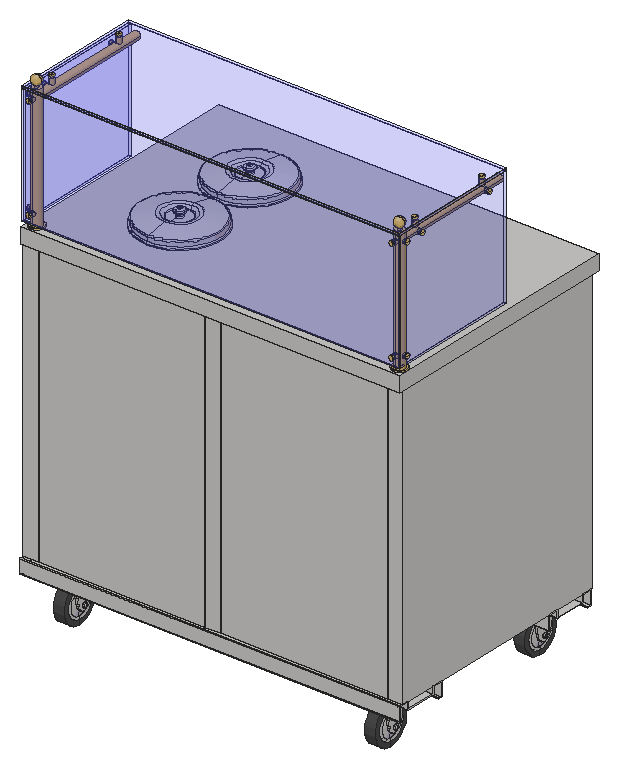
Revit family "Food-Service-Equipment_Oscartek_Pozzetti_PS2", category Specialty Equipment, Revit 2026 (continued)
Definition of nested family "Glass"
  Definition of nested family "Post"
    Lines and regions (in)
      symbolic lines
        curve 3: line (0.35, 0, 0) -> (0.35, -12.64986, 0)
        curve 4: arc (0.35, -12.31543, 0) -> (0.02947, -13.15804, 0) -> (0.75, -13.69986, 0) r 0.75
        curve 5: arc (0.75, -13.69986, 0) -> (1.47053, -13.15804, 0) -> (1.15, -12.31543, 0) r 0.75
        curve 6: arc (0.75, -12.44986, 0) -> (0.25, -12.94986, 0) -> (0.75, -13.44986, 0) r 0.5
        curve 7: arc (0.75, -13.44986, 0) -> (1.25, -12.94986, 0) -> (0.75, -12.44986, 0) r 0.5
        curve 8: line (0.52193, -13.91323, 0) -> (0.97807, -13.91323, 0)
        curve 9: line (0.52193, -14, 0) -> (0.52193, -13.91323, 0)
        curve 10: line (0.97807, -14, 0) -> (0.52193, -14, 0)
        curve 11: line (0.97807, -13.91323, 0) -> (0.97807, -14, 0)
        curve 12: circle (0.75, -10.98527, 0) r 0.22807 normal (0, 0, 1)
        curve 13: circle (0.75, -2.29777, 0) r 0.22807 normal (0, 0, 1)
        curve 14: line (0.08677, -10.7572, 0) -> (0, -10.7572, 0)
        curve 15: line (0.08677, -11.21334, 0) -> (0.08677, -10.7572, 0)
        curve 16: line (0, -11.21334, 0) -> (0.08677, -11.21334, 0)
        curve 17: line (0, -10.7572, 0) -> (0, -11.21334, 0)
        curve 18: line (0.08677, -2.0697, 0) -> (0, -2.0697, 0)
        curve 19: line (0.08677, -2.52584, 0) -> (0.08677, -2.0697, 0)
        curve 20: line (0, -2.52584, 0) -> (0.08677, -2.52584, 0)
        curve 21: line (0, -2.0697, 0) -> (0, -2.52584, 0)
    Dimensions and locks (in)
      equal spacing: plane 3 "LEFT", plane 7 "Center Y", plane 4 "RIGHT"
      plane 3 "LEFT" to plane 4 "RIGHT" = 1.50"
      equal spacing: plane 5 "FRONT", plane 8 "Center X", plane 1 "BACK"
      "Depth": plane 5 "FRONT" to plane 1 "BACK"
      "Height": plane 6 "TOP" to level
      plane 5 "FRONT" to plane 1 "BACK" = 14.00"
      plane 6 "TOP" to plane 2 = 14.00"
      aligned and locked: plane 2 to level
    Automatic sketch dimensions
      curve 4 to curve 5 = 0.00"  (x2)
      curve 4 to curve 6 = 0.00"  (x2)
      curve 4 to curve 7 = 0.00"  (x2)
      curve 5 to curve 6 = 0.00"  (x2)
      curve 5 to curve 7 = 0.00"  (x2)
      curve 6 to curve 7 = 0.00"  (x2)
      curve 21 to plane 3 "LEFT" = 0.00"
      curve 14 to plane 3 "LEFT" = 0.00"
      plane 1 "BACK" to curve 3 = 0.00"
      plane 5 "FRONT" to curve 9 = 0.00"
      curve 5 to plane 7 "Center Y" = 0.00"
      curve 12 to plane 7 "Center Y" = 0.00"
      curve 13 to plane 7 "Center Y" = 0.00"
      curve 20 to curve 19 = 0.08677"
      plane 3 "LEFT" to curve 15 = 0.08677"
      plane 3 "LEFT" to curve 3 = 0.35"
      curve 9 to plane 7 "Center Y" = 0.22807"
      plane 7 "Center Y" to curve 11 = 0.22807"
      plane 4 "RIGHT" to curve 2 = 0.35"
      curve 8 to plane 5 "FRONT" = 0.08677"
      curve 8 to curve 6 = 0.96338"
      curve 4 to curve 16 = 1.73651"
      curve 15 to curve 12 = 0.22807"
      curve 15 to curve 15 = 0.45614"
      plane 1 "BACK" to curve 19 = 2.52584"
      curve 19 to curve 13 = 0.22807"
      curve 19 to curve 18 = 0.45614"
      curve 4 to plane 5 "FRONT" = 0.30014"
      curve 4 to curve 7 = 0.25"
      Extrusion 1 sketch curve to plane 7 "Center Y" = 0.00"
      Extrusion 1 sketch curve to plane 5 "FRONT" = 1.05014"
      Extrusion 3 sketch curve to plane 7 "Center Y" = 0.00"
      Extrusion 3 sketch curve to plane 6 "TOP" = 2.02082"
      Extrusion 6 sketch curve to plane 7 "Center Y" = 0.00"
      Extrusion 6 sketch curve to plane 5 "FRONT" = 1.05014"
      Revolve 2 sketch curve to plane 7 "Center Y" = 0.00"  (x2)
      Revolve 2 sketch curve to plane 6 "TOP" = 0.00"  (x2)
      Revolve 2 sketch curve to plane 7 "Center Y" = 0.02269"
      Revolve 2 sketch curve to plane 6 "TOP" = 0.45592"
      Revolve 2 sketch curve to plane 7 "Center Y" = 0.15"
      Revolve 2 sketch curve to Revolve 2 sketch curve = 0.2462"
      Revolve 2 sketch curve to Revolve 2 sketch curve = 0.25"
      Revolve 8 sketch curve to plane 10 = 0.00"
      plane 1 "BACK" to Revolve 8 sketch curve = 2.0697"
      Revolve 8 sketch curve to Revolve 8 sketch curve = 0.00"  (x2)
      Revolve 8 sketch curve to Revolve 8 sketch curve = 0.11404"  (x2)
      plane 10 to Revolve 8 sketch curve = 0.08677"
      Revolve 8 sketch curve to plane 9 = 0.72816"
      Revolve 8 sketch curve to plane 9 = 0.26297"
      Revolve 8 sketch curve to Revolve 8 sketch curve = 0.01099"
      Revolve 8 sketch curve to plane 9 = 0.00"
      Revolve 7 sketch curve to plane 10 = 0.00"
      plane 10 to Revolve 7 sketch curve = 0.08677"
      Revolve 7 sketch curve to plane 5 "FRONT" = 3.2428"
      Revolve 7 sketch curve to Revolve 7 sketch curve = 0.00"  (x2)
      Revolve 7 sketch curve to Revolve 7 sketch curve = 0.22807"
      Revolve 7 sketch curve to plane 9 = 0.72816"
      Revolve 7 sketch curve to Revolve 7 sketch curve = 0.11404"
      Revolve 7 sketch curve to plane 9 = 0.0038"
      Revolve 7 sketch curve to Revolve 7 sketch curve = 0.59594"
      Revolve 7 sketch curve to Revolve 7 sketch curve = 0.01099"
      Revolve 10 sketch curve to plane 7 "Center Y" = 0.11834"
      plane 1 "BACK" to Revolve 10 sketch curve = 2.29777"
      Revolve 10 sketch curve to Revolve 10 sketch curve = 0.22807"  (x2)
      Revolve 10 sketch curve to Revolve 10 sketch curve = 0.24192"
      Revolve 10 sketch curve to Revolve 10 sketch curve = 0.00"
      plane 7 "Center Y" to Revolve 10 sketch curve = 0.2053"
      Revolve 10 sketch curve to Revolve 10 sketch curve = 0.13057"
      Revolve 10 sketch curve to plane 3 "LEFT" = 0.00"
      Revolve 10 sketch curve to Revolve 10 sketch curve = 0.11404"
      Revolve 10 sketch curve to plane 3 "LEFT" = 0.09485"
      Revolve 9 sketch curve to plane 3 "LEFT" = 0.00"
      Revolve 9 sketch curve to plane 7 "Center Y" = 0.11834"
      Revolve 9 sketch curve to plane 5 "FRONT" = 3.01473"
      Revolve 9 sketch curve to Revolve 9 sketch curve = 0.22807"
      Revolve 9 sketch curve to Revolve 9 sketch curve = 0.24192"
      Revolve 9 sketch curve to Revolve 9 sketch curve = 0.00"
      Revolve 9 sketch curve to Revolve 9 sketch curve = 0.10548"
      plane 7 "Center Y" to Revolve 9 sketch curve = 0.2053"
      Revolve 9 sketch curve to Revolve 9 sketch curve = 0.13057"
      Revolve 9 sketch curve to Revolve 9 sketch curve = 0.12259"
      Revolve 9 sketch curve to plane 3 "LEFT" = 0.09485"
      Revolve 4 sketch curve to plane 5 "FRONT" = 0.00"
      Revolve 4 sketch curve to plane 5 "FRONT" = 0.08677"
      Revolve 4 sketch curve to plane 9 = 0.65226"
      Revolve 4 sketch curve to Revolve 4 sketch curve = 0.00"  (x2)
      Revolve 4 sketch curve to Revolve 4 sketch curve = 0.11404"  (x2)
      Revolve 4 sketch curve to Revolve 4 sketch curve = 0.25"
      Revolve 4 sketch curve to Revolve 4 sketch curve = 0.72651"
      Revolve 4 sketch curve to Revolve 4 sketch curve = 0.13057"
      Revolve 4 sketch curve to Revolve 4 sketch curve = 0.32364"
      Revolve 11 sketch curve to plane 3 "LEFT" = 0.00"
      Revolve 11 sketch curve to plane 7 "Center Y" = 0.11834"
      Revolve 11 sketch curve to plane 5 "FRONT" = 1.05014"
      Revolve 11 sketch curve to Revolve 11 sketch curve = 0.22807"  (x2)
      Revolve 11 sketch curve to Revolve 11 sketch curve = 0.24192"
      Revolve 11 sketch curve to Revolve 11 sketch curve = 0.00"
      Revolve 11 sketch curve to Revolve 11 sketch curve = 0.11404"
      plane 7 "Center Y" to Revolve 11 sketch curve = 0.2053"
      Revolve 11 sketch curve to Revolve 11 sketch curve = 0.13057"
      Revolve 11 sketch curve to plane 3 "LEFT" = 0.09485"
      Revolve 12 sketch curve to plane 3 "LEFT" = 0.00"
      Revolve 12 sketch curve to plane 7 "Center Y" = 0.11834"
      Revolve 12 sketch curve to plane 5 "FRONT" = 1.05014"
      Revolve 12 sketch curve to Revolve 12 sketch curve = 0.22807"  (x2)
      Revolve 12 sketch curve to Revolve 12 sketch curve = 0.00"
      plane 7 "Center Y" to Revolve 12 sketch curve = 0.2053"
      Revolve 12 sketch curve to Revolve 12 sketch curve = 0.13057"
      Revolve 12 sketch curve to plane 3 "LEFT" = 0.09485"
      Revolve 12 sketch curve to Revolve 12 sketch curve = 0.11404"
      Revolve 12 sketch curve to Revolve 12 sketch curve = 0.24192"
      Revolve 5 sketch curve to plane 5 "FRONT" = 0.00"
      Revolve 5 sketch curve to plane 5 "FRONT" = 0.08677"
      level to Revolve 5 sketch curve = 1.56607"
      Revolve 5 sketch curve to Revolve 5 sketch curve = 0.00"  (x2)
      Revolve 5 sketch curve to Revolve 5 sketch curve = 0.11404"  (x2)
      Revolve 5 sketch curve to Revolve 5 sketch curve = 0.25"
      Revolve 5 sketch curve to Revolve 5 sketch curve = 0.72651"
      Revolve 5 sketch curve to Revolve 5 sketch curve = 0.13057"
      Revolve 5 sketch curve to Revolve 5 sketch curve = 0.32364"
      radius of curve 12 = 0.22807"
      radius of curve 13 = 0.22807"
      radius of Extrusion 1 sketch curve = 0.50"
      radius of Extrusion 3 sketch curve = 0.40"
      radius of Extrusion 6 sketch curve = 0.75"
